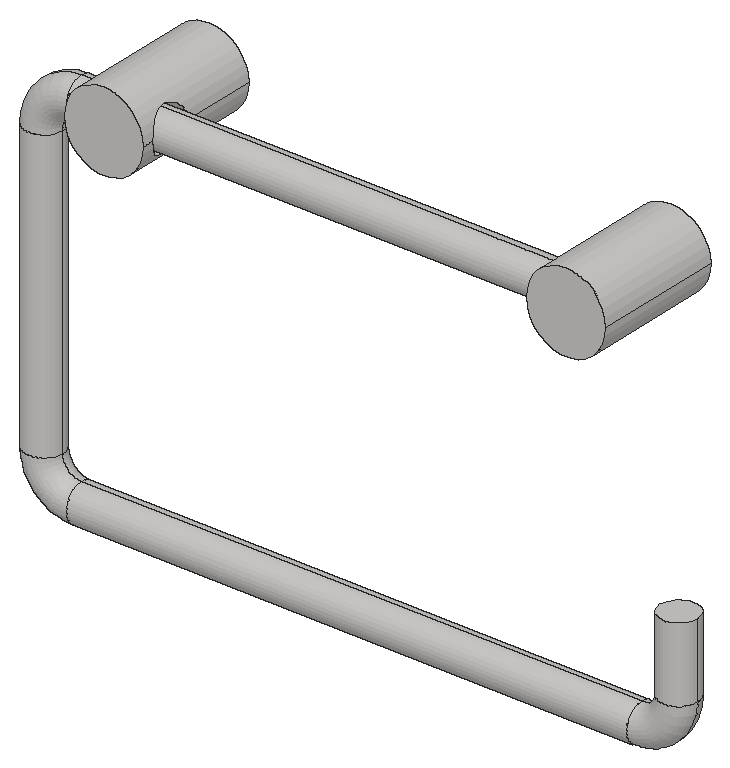
Revit family "T12BP", category Generic Models, Revit 2021
Family settings
  Can host rebar = No
  Round Connector Dimension = Use Diameter
  Part Type = Normal
  Work Plane-Based = No
  Always vertical = Yes
  Cut with Voids When Loaded = No
  Shared = No
  Room Calculation Point = No
Parameters (values of type "Standard")
  e-mail = "info@vola.com"
  URL = "http://vola.com"
  Telephone = "+45 7023 5500"
  Quality management standard = "ISO 9001"
  Organisation no. / DUNS no. = "17531328"
  Occupational health and safety management standard = "ISO 18001"
  Mounting Instructions = "http://vola.com/service/producturl.ashx?name=T12BP"
  Model = "T12BP"
  Materials and components information = "http://vola.com/service/producturl.ashx?name=T12BP"
  Manufacturer = "VOLA A/S"
  Maintenance Instructions = "http://vola.com/service/producturl.ashx?name=T12BP"
  Guarantee = "2 years"
  Environmental management standard = "ISO 14000"
  Default Elevation = 0.0000 mm
  Connection - All relevant connections = ""
  Approvals = "http://vola.com/service/producturl.ashx?name=T12BP"
Reference planes
  plane 1 "Center (Front/Back)": y = 0
  plane 2: z = 0
  plane 3 "Center (Left/Right)": x = 0
Forms (mm)
  Extrusion 1, solid, material "Stainless Steel"
    sketch origin (0, 0, 0) x (1, 0, 0) y (0, 0, 1)
      loop
        circle (49.5, 0) r 8.5
      loop
        circle (-49.5, 0) r 8.5
    from 0 to 28
  Sweep 2, solid, material "Stainless Steel"
    path origin (0, -21, 0) x (0, 0, -1) y (-1, 0, 0)
      loop
        line (0, -50) -> (0, 60)
        arc (0, 60) -> (2.343, 65.657) -> (8, 68) r 8
        line (8, 68) -> (70, 68)
        arc (70, 68) -> (75.657, 65.657) -> (78, 60) r 8
        line (78, 60) -> (78, -60)
        arc (78, -60) -> (75.657, -65.657) -> (70, -68) r 8
        line (70, -68) -> (54, -68)
    profile origin (-5, -21, 0) x (0, 0, 1) y (0, 1, 0)
      loop
        circle (0, 0) r 4
  Extrusion 3, void
    sketch origin (0, 2, 0) x (0, 1, 0) y (0, 0, 1)
      loop
        circle (-23, 0) r 4.75
    from -67.509 to 51.886
Cuts and joins
  Extrusion 3 cuts Extrusion 1
Dimensions and locks
  aligned and locked: plane 2 to level
